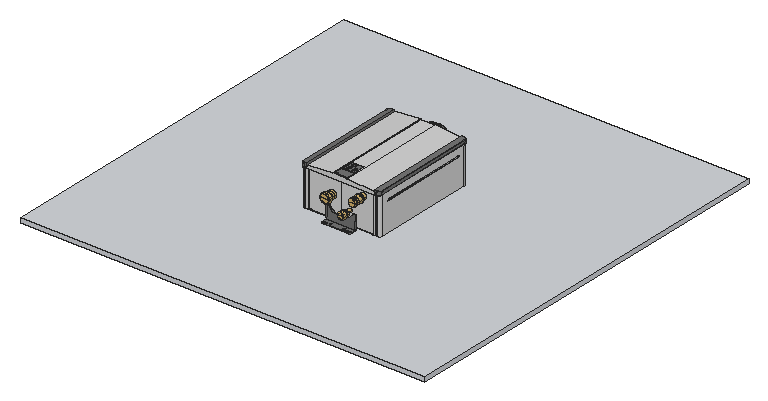
Revit family "Water_Heater-Rinnai-Ultra-Condensing-Tankless-RUC80i", category Mechanical Equipment, host Face, Revit 2012 (continued)
Definition of nested family "Water Heater"
  Automatic sketch dimensions
    plane 27 to curve 137 = 0.06257"
    curve 103 to plane 20 = 0.08334"
    curve 118 to plane 20 = 0.10317"
    plane 15 to curve 101 = 0.14131"
    curve 101 to curve 102 = 0.03504"
    plane 10 to curve 107 = 0.08799"
    plane 10 to curve 100 = 0.14922"
    plane 10 to curve 108 = 0.17772"
    plane 19 to curve 110 = 0.9498"
    curve 106 to curve 109 = 0"
    curve 100 to plane 8 = 0.68345"
    curve 112 to plane 8 = 0.65501"
    curve 112 to curve 109 = 0.08749"
    curve 114 to curve 95 = 0.34525"
    plane 8 to curve 104 = 0.05941"
    plane 8 to curve 101 = 0.05941"
    curve 102 to curve 101 = 0"
    curve 102 to curve 103 = 0.07442"
    curve 77 to plane 5 = 0"
    curve 78 to plane 8 = 0"
    plane 6 to curve 77 = 0"
    plane 8 to curve 67 = 0.22556"
    plane 5 to curve 67 = 0.52045"
    curve 69 to plane 7 = 0.41535"
    curve 67 to curve 69 = 0.48566"
    curve 69 to curve 69 = 0.02285"
    curve 68 to curve 69 = 0"
    curve 68 to curve 69 = 0.05004"
    curve 69 to curve 67 = 0.12848"
    curve 67 to curve 78 = 0.36823"
    curve 69 to curve 70 = 0.83945"
    curve 70 to curve 68 = 0"
    plane 14 to curve 86 = 0.66706"
    curve 86 to curve 83 = 0.06299"
    plane 27 to curve 81 = 0.06257"
    curve 84 to curve 81 = 0.11313"
    plane 14 to curve 82 = 0.01908"
    curve 82 to plane 14 = 0.14711"
    curve 80 to curve 82 = 0"
    curve 149 to plane 7 = 0.19831"
    plane 23 to curve 149 = 0.63676"
    curve 80 to plane 3 "Center (Left/Right)" = 0.01255"
    curve 148 to plane 7 = 0.17145"
    curve 148 to plane 12 = 0.44033"
    plane 27 to curve 87 = 0.15755"
    plane 21 to curve 87 = 0.61592"
    curve 80 to curve 87 = 0"
    plane 27 to curve 88 = 0.06257"
    curve 87 to curve 88 = 0.47629"
    curve 85 to plane 24 = 0.05637"
    plane 11 to curve 85 = 0.86344"
    curve 93 to level = 0.04045"
    curve 85 to curve 93 = 0.06299"
    plane 6 to curve 76 = 1.91844"
    curve 76 to curve 75 = 0"
    curve 79 to level = 0.04045"
    plane 6 to curve 79 = 1.52794"
    curve 79 to curve 74 = 0.3705"
    curve 73 to curve 72 = 0.13838"
    curve 72 to curve 72 = 0.03455"
    curve 75 to curve 72 = 0"
    curve 72 to curve 76 = 0.04004"
    plane 8 to curve 74 = 0.22539"
    plane 6 to curve 74 = 0.52016"
    curve 78 to level = 0.04045"
    curve 86 to level = 0.0398"
    curve 93 to plane 13 = 0.27812"
    curve 91 to curve 83 = 0.17992"
    plane 8 to curve 74 = 0.59333"
    curve 67 to curve 70 = 0.21409"
    curve 68 to curve 70 = 1/16"
    curve 73 to curve 75 = 0.15159"
    curve 75 to curve 76 = 1/16"
    Extrusion 1 sketch curve to plane 5 = 0"
    Extrusion 1 sketch curve to plane 6 = 0"
    plane 5 to Extrusion 1 sketch curve = 0.16126"
    plane 5 to Extrusion 1 sketch curve = 3/4"  (x2)
    Extrusion 1 sketch curve to plane 4 = 0.12422"
    Extrusion 1 sketch curve to Extrusion 1 sketch curve = 0.16126"  (x4)
    Extrusion 1 sketch curve to Extrusion 1 sketch curve = 0.58465"  (x2)
    plane 6 to Extrusion 1 sketch curve = 1.49591"
    Extrusion 1 sketch curve to plane 4 = 29/128"
    plane 6 to Extrusion 1 sketch curve = 0.91126"
    plane 6 to Extrusion 1 sketch curve = 0.16126"
    plane 5 to Extrusion 2 sketch curve = 1.27704"
    Extrusion 2 sketch curve to Extrusion 2 sketch curve = 7/256"  (x2)
    Extrusion 2 sketch curve to plane 3 "Center (Left/Right)" = 0.00497"
    plane 3 "Center (Left/Right)" to Extrusion 2 sketch curve = 0.00974"
    plane 6 to Extrusion 2 sketch curve = 1.30439"
    Sweep 3 sketch curve to plane 6 = 0"
    Sweep 3 sketch curve to plane 5 = 0"
    Sweep 3 sketch curve to plane 4 = 0.12422"
    plane 6 to Sweep 3 sketch curve = 3/4"  (x2)
    Sweep 3 sketch curve to Sweep 3 sketch curve = 0.74591"  (x2)
    plane 5 to Sweep 3 sketch curve = 1.49591"
    plane 5 to Sweep 3 sketch curve = 3/4"
    Sweep 3 sketch curve to profile plane = 0"  (x2)
    Sweep 3 sketch curve to Sweep 3 sketch curve = 0.0315"
    Extrusion 5 sketch curve to plane 4 = 0"
    Extrusion 5 sketch curve to Extrusion 5 sketch curve = 0.59345"
    Extrusion 5 sketch curve to Extrusion 5 sketch curve = 0.61479"
    plane 6 to Extrusion 5 sketch curve = 0.66792"
    Extrusion 6 sketch curve to plane 5 = 0.02756"
    plane 5 to Extrusion 6 sketch curve = 0.72244"  (x2)
    Extrusion 6 sketch curve to plane 4 = 1/128"  (x2)
    Extrusion 6 sketch curve to Extrusion 6 sketch curve = 0.435"
    plane 6 to Extrusion 6 sketch curve = 1.15744"
    plane 6 to Extrusion 6 sketch curve = 0.72244"  (x2)
    Extrusion 6 sketch curve to plane 6 = 0.02756"
    Extrusion 7 sketch curve to plane 5 = 0"
    plane 16 to Extrusion 7 sketch curve = 0.72706"
    plane 5 to Extrusion 8 sketch curve = 1.27704"
    Extrusion 8 sketch curve to Extrusion 8 sketch curve = 7/256"  (x2)
    Extrusion 8 sketch curve to plane 3 "Center (Left/Right)" = 0.00497"
    plane 3 "Center (Left/Right)" to Extrusion 8 sketch curve = 0.00974"
    plane 6 to Extrusion 8 sketch curve = 1.30439"
    plane 7 to Extrusion 9 sketch curve = 0.05435"
    Extrusion 9 sketch curve to plane 23 = 0.11207"
    plane 7 to Extrusion 9 sketch curve = 0.00161"  (x2)
    plane 23 to Extrusion 9 sketch curve = 0.08478"
    Extrusion 9 sketch curve to plane 7 = 0.15611"  (x2)
    Extrusion 9 sketch curve to Extrusion 9 sketch curve = 0.27318"
    Extrusion 9 sketch curve to Extrusion 9 sketch curve = 0.15748"  (x2)
    Extrusion 9 sketch curve to plane 12 = 0.43849"
    Extrusion 9 sketch curve to plane 21 = 0.06324"
    plane 21 to Extrusion 9 sketch curve = 0.13361"  (x2)
    Extrusion 9 sketch curve to plane 7 = 0.33935"
    Extrusion 9 sketch curve to Extrusion 9 sketch curve = 0.0422"
    plane 5 to Extrusion 10 sketch curve = 0.16126"
    Extrusion 10 sketch curve to Extrusion 10 sketch curve = 3/4"  (x2)
    Extrusion 10 sketch curve to Extrusion 10 sketch curve = 0.58465"
    plane 6 to Extrusion 10 sketch curve = 0.91126"  (x2)
    Extrusion 10 sketch curve to plane 4 = 29/128"
    plane 6 to Extrusion 10 sketch curve = 0.16126"
    plane 19 to Revolve 11 sketch curve = 0.25066"  (x2)
    Revolve 11 sketch curve to Revolve 11 sketch curve = 0.19632"
    Revolve 11 sketch curve to Revolve 11 sketch curve = 1.16267"
    Revolve 11 sketch curve to Revolve 11 sketch curve = 0.13556"
    plane 19 to Revolve 11 sketch curve = 0.03937"
    Revolve 11 sketch curve to plane 16 = 5.03831"
    Revolve 11 sketch curve to Revolve 11 sketch curve = 0.19606"
    plane 19 to Revolve 12 sketch curve = 0.25066"  (x2)
    Revolve 12 sketch curve to Revolve 12 sketch curve = 0.19632"
    Revolve 12 sketch curve to Revolve 12 sketch curve = 1.16267"
    Revolve 12 sketch curve to Revolve 12 sketch curve = 0.13556"
    plane 19 to Revolve 12 sketch curve = 0.03937"
    Revolve 12 sketch curve to plane 16 = 5.03831"
    Revolve 12 sketch curve to Revolve 12 sketch curve = 0.19606"
    Sweep 14 sketch curve to plane 3 "Center (Left/Right)" = 1/64"
    Sweep 14 sketch curve to plane 22 = 0.9765"
    Sweep 14 sketch curve to Sweep 14 sketch curve = 0"  (x4)
    Sweep 14 sketch curve to profile plane = 0"  (x2)
    profile plane to Sweep 14 sketch curve = 1.21666"
    profile plane to Sweep 14 sketch curve = 1.21033"
    Sweep 14 sketch curve to Sweep 14 sketch curve = 0.0386"
    Sweep 14 sketch curve to profile plane = 0.1979"
    Sweep 14 sketch curve to Sweep 14 sketch curve = 0.05055"
    Sweep 14 sketch curve to Sweep 14 sketch curve = 0.24211"
    Sweep 14 sketch curve to profile plane = 0.11491"
    Sweep 14 sketch curve to Sweep 14 sketch curve = 0.01705"
    Sweep 14 sketch curve to Sweep 14 sketch curve = 0.00185"
    Sweep 14 sketch curve to profile plane = 0.13491"
    Sweep 14 sketch curve to Sweep 14 sketch curve = 0.01471"
    Sweep 14 sketch curve to Sweep 14 sketch curve = 0.01869"
    Sweep 14 sketch curve to Sweep 14 sketch curve = 0.03188"
    Sweep 14 sketch curve to Sweep 14 sketch curve = 0.00379"
    Sweep 14 sketch curve to Sweep 14 sketch curve = 0.01985"
    Sweep 14 sketch curve to Sweep 14 sketch curve = 0.02907"
    Sweep 14 sketch curve to Sweep 14 sketch curve = 0.02"
    Sweep 14 sketch curve to Sweep 14 sketch curve = 0.11289"
    Sweep 14 sketch curve to Sweep 14 sketch curve = 0.02082"
    Sweep 14 sketch curve to Sweep 14 sketch curve = 0.0196"
    Sweep 14 sketch curve to Sweep 14 sketch curve = 0.17385"
    Sweep 14 sketch curve to Sweep 14 sketch curve = 0.03347"
    Sweep 14 sketch curve to Sweep 14 sketch curve = 0.16817"
    Sweep 14 sketch curve to profile plane = 0.03937"
    Sweep 14 sketch curve to Sweep 14 sketch curve = 0.03937"
    Sweep 14 sketch curve to Sweep 14 sketch curve = 0.07401"
    Sweep 14 sketch curve to Sweep 14 sketch curve = 0.19685"
    Sweep 14 sketch curve to Sweep 14 sketch curve = 0.0842"
    Sweep 14 sketch curve to Sweep 14 sketch curve = 0.00051"
    Sweep 14 sketch curve to Sweep 14 sketch curve = 0.02307"
    Sweep 14 sketch curve to Sweep 14 sketch curve = 0.14317"
    Sweep 14 sketch curve to Sweep 14 sketch curve = 1.09677"
    Sweep 14 sketch curve to Sweep 14 sketch curve = 0.08034"
    Sweep 14 sketch curve to Sweep 14 sketch curve = 0.12287"
    Sweep 14 sketch curve to Sweep 14 sketch curve = 0.03219"
    Extrusion 15 sketch curve to plane 3 "Center (Left/Right)" = 1/64"
    plane 19 to Extrusion 15 sketch curve = 1.02793"
    Revolve 16 sketch curve to plane 14 = 0.12393"
    Revolve 16 sketch curve to Revolve 16 sketch curve = 0.03504"
    plane 23 to Revolve 16 sketch curve = 0.13583"
    Revolve 16 sketch curve to Revolve 16 sketch curve = 0.1564"
    Revolve 16 sketch curve to plane 3 "Center (Left/Right)" = 0.00981"
    Revolve 16 sketch curve to plane 16 = 1.00882"
    Revolve 16 sketch curve to plane 16 = 0.68789"
    Revolve 16 sketch curve to Revolve 16 sketch curve = 0.037"
    Revolve 16 sketch curve to Revolve 16 sketch curve = 0.07874"
    plane 16 to Revolve 16 sketch curve = 0.72706"  (x2)
    plane 5 to Revolve 17 sketch curve = 1.26381"
    Revolve 17 sketch curve to Revolve 17 sketch curve = 0.08779"
    Revolve 17 sketch curve to Revolve 17 sketch curve = 1.97914"
    Revolve 17 sketch curve to Revolve 17 sketch curve = 0"  (x3)
    plane 4 to Revolve 17 sketch curve = 0.16817"
    Revolve 17 sketch curve to Revolve 17 sketch curve = 0.98144"
    Revolve 17 sketch curve to Revolve 17 sketch curve = 0.07874"
    plane 22 to Extrusion 18 sketch curve = 0.06809"
    plane 5 to Extrusion 18 sketch curve = 0.96853"
    Extrusion 18 sketch curve to plane 8 = 0.34525"
    Extrusion 18 sketch curve to Extrusion 18 sketch curve = 1 1/4"
    Extrusion 18 sketch curve to plane 10 = 0.28029"
    plane 14 to Extrusion 18 sketch curve = 1.91706"  (x2)
    Extrusion 18 sketch curve to plane 19 = 0.0894"
    plane 14 to Extrusion 19 sketch curve = 0.07257"
    plane 8 to Extrusion 19 sketch curve = 0.24136"
    plane 23 to Extrusion 19 sketch curve = 0.91142"  (x2)
    Extrusion 19 sketch curve to plane 20 = 0.10317"
    Extrusion 19 sketch curve to plane 12 = 0.02294"  (x2)
    Extrusion 19 sketch curve to plane 19 = 0.17601"
    plane 14 to Extrusion 20 sketch curve = 0.60587"
    Extrusion 20 sketch curve to Extrusion 20 sketch curve = 0.21663"
    Extrusion 20 sketch curve to Extrusion 20 sketch curve = 0.08337"
    Extrusion 20 sketch curve to Extrusion 20 sketch curve = 0.11714"  (x2)
    Extrusion 20 sketch curve to plane 14 = 0.10821"
    Extrusion 20 sketch curve to plane 23 = 0.24361"
    plane 23 to Extrusion 20 sketch curve = 0.53101"
    Extrusion 20 sketch curve to plane 12 = 0.3808"
    plane 21 to Extrusion 20 sketch curve = 0.23419"
    Extrusion 20 sketch curve to Extrusion 20 sketch curve = 0.41418"
    Extrusion 20 sketch curve to Extrusion 20 sketch curve = 0.26687"
    Extrusion 20 sketch curve to Extrusion 20 sketch curve = 0.02665"
    plane 11 to Extrusion 20 sketch curve = 0.8645"
    Extrusion 20 sketch curve to Extrusion 20 sketch curve = 0.06998"  (x2)
    Extrusion 20 sketch curve to Extrusion 20 sketch curve = 0.07943"  (x2)
    Extrusion 20 sketch curve to Extrusion 20 sketch curve = 0.07035"
    Extrusion 20 sketch curve to Extrusion 20 sketch curve = 0.10791"  (x2)
    Extrusion 21 sketch curve to plane 28 = 0"
    plane 29 to Extrusion 21 sketch curve = 0"
    plane 28 to Extrusion 21 sketch curve = 0.11313"
    plane 14 to Extrusion 21 sketch curve = 0.01908"
    Extrusion 21 sketch curve to plane 14 = 0.14711"
    Extrusion 21 sketch curve to Extrusion 21 sketch curve = 0"  (x2)
    Extrusion 21 sketch curve to plane 3 "Center (Left/Right)" = 0.01255"
    plane 27 to Extrusion 21 sketch curve = 0.15755"
    plane 21 to Extrusion 21 sketch curve = 0.61592"
    plane 27 to Extrusion 21 sketch curve = 0.06257"
    Extrusion 21 sketch curve to Extrusion 21 sketch curve = 0.16453"
    plane 29 to Extrusion 21 sketch curve = 0.10742"
    Extrusion 21 sketch curve to plane 24 = 0.05637"
    Extrusion 22 sketch curve to Extrusion 22 sketch curve = 0.11952"
    Extrusion 22 sketch curve to plane 25 = 0.01157"
    Extrusion 22 sketch curve to Extrusion 22 sketch curve = 0.12047"
    Extrusion 22 sketch curve to plane 13 = 0.39764"
    Extrusion 23 sketch curve to level = 0.02001"
    Extrusion 23 sketch curve to Extrusion 23 sketch curve = 0.12"
    Extrusion 23 sketch curve to Extrusion 23 sketch curve = 0.12047"
    plane 27 to Extrusion 23 sketch curve = 0.47562"
    Extrusion 24 sketch curve to plane 14 = 0.60587"
    Extrusion 24 sketch curve to Extrusion 24 sketch curve = 0.21663"
    Extrusion 24 sketch curve to Extrusion 24 sketch curve = 0.08337"
    Extrusion 24 sketch curve to Extrusion 24 sketch curve = 0.11714"  (x2)
    plane 14 to Extrusion 24 sketch curve = 0.10821"
    plane 23 to Extrusion 24 sketch curve = 0.24361"
    Extrusion 24 sketch curve to plane 23 = 0.53101"
    plane 12 to Extrusion 24 sketch curve = 0.3808"
    Extrusion 24 sketch curve to plane 21 = 0.23419"
    Extrusion 24 sketch curve to Extrusion 24 sketch curve = 0.41418"
    Extrusion 24 sketch curve to Extrusion 24 sketch curve = 0.26687"
    Extrusion 24 sketch curve to Extrusion 24 sketch curve = 0.02665"
    plane 4 to Extrusion 24 sketch curve = 0.12422"
    Extrusion 24 sketch curve to plane 11 = 0.8645"
    Extrusion 24 sketch curve to plane 4 = 0.76189"  (x2)
    Extrusion 24 sketch curve to plane 4 = 0.89402"  (x2)
    Extrusion 24 sketch curve to Extrusion 24 sketch curve = 0.06998"  (x2)
    Extrusion 24 sketch curve to Extrusion 24 sketch curve = 0.07943"  (x2)
    Extrusion 24 sketch curve to Extrusion 24 sketch curve = 0.07035"
    Extrusion 24 sketch curve to Extrusion 24 sketch curve = 0.10791"  (x2)
    Extrusion 25 sketch curve to plane 30 = 0"
    plane 31 to Extrusion 25 sketch curve = 0"
    plane 30 to Extrusion 25 sketch curve = 0.11313"
    plane 14 to Extrusion 25 sketch curve = 0.01908"
    Extrusion 25 sketch curve to plane 14 = 0.14711"
    Extrusion 25 sketch curve to Extrusion 25 sketch curve = 0"  (x2)
    Extrusion 25 sketch curve to plane 3 "Center (Left/Right)" = 0.01255"
    plane 27 to Extrusion 25 sketch curve = 0.15755"
    plane 21 to Extrusion 25 sketch curve = 0.61592"
    plane 27 to Extrusion 25 sketch curve = 0.06257"
    Extrusion 25 sketch curve to Extrusion 25 sketch curve = 0.16453"
    plane 31 to Extrusion 25 sketch curve = 0.10742"
    Extrusion 25 sketch curve to plane 24 = 0.05637"
    plane 13 to Extrusion 26 sketch curve = 0.39764"
    Extrusion 26 sketch curve to plane 4 = 0.2455"
    Extrusion 26 sketch curve to Extrusion 26 sketch curve = 0.11952"
    plane 25 to Extrusion 26 sketch curve = 0.01157"
    Extrusion 26 sketch curve to Extrusion 26 sketch curve = 0.12047"
    Extrusion 26 sketch curve to Extrusion 26 sketch curve = 0.15607"
    level to Extrusion 27 sketch curve = 0.02001"
    Extrusion 27 sketch curve to plane 4 = 0.2455"
    Extrusion 27 sketch curve to Extrusion 27 sketch curve = 0.12"
    Extrusion 27 sketch curve to Extrusion 27 sketch curve = 0.12047"
    plane 4 to Extrusion 27 sketch curve = 0.03009"
    Extrusion 27 sketch curve to plane 27 = 0.47562"
    Masking region 1 sketch curve to plane 4 = 0"  (x2)
    Masking region 1 sketch curve to plane 5 = 0.01381"
    plane 5 to Masking region 1 sketch curve = 0.72244"  (x2)
    Masking region 1 sketch curve to plane 4 = 1/128"
    Masking region 1 sketch curve to Masking region 1 sketch curve = 0.24092"
    Masking region 1 sketch curve to Masking region 1 sketch curve = 0.30044"
    plane 4 to Masking region 1 sketch curve = 0.16817"
    Masking region 1 sketch curve to Masking region 1 sketch curve = 0.38823"
    plane 14 to Masking region 1 sketch curve = 1.05024"
    Masking region 1 sketch curve to Masking region 1 sketch curve = 0.0879"
    Masking region 1 sketch curve to Masking region 1 sketch curve = 0.38318"
    plane 14 to Masking region 1 sketch curve = 0.07257"
    plane 14 to Masking region 1 sketch curve = 0.03453"
    Masking region 1 sketch curve to plane 14 = 0.00484"
    Masking region 1 sketch curve to plane 14 = 0.06748"
    Masking region 1 sketch curve to Masking region 1 sketch curve = 0.04668"  (x2)
    Masking region 1 sketch curve to plane 14 = 0.12393"
    Masking region 1 sketch curve to Masking region 1 sketch curve = 0.03504"  (x2)
    plane 23 to Masking region 1 sketch curve = 0.13583"
    Masking region 1 sketch curve to plane 21 = 0.13376"
    plane 21 to Masking region 1 sketch curve = 0.60911"
    plane 4 to Masking region 1 sketch curve = 0.25285"
    plane 21 to Masking region 1 sketch curve = 0.6422"
    Masking region 1 sketch curve to Masking region 1 sketch curve = 0.10737"
    Masking region 1 sketch curve to Masking region 1 sketch curve = 0.03937"  (x3)
    Masking region 1 sketch curve to Masking region 1 sketch curve = 0.15177"
    plane 6 to Masking region 1 sketch curve = 0.72244"
    plane 6 to Masking region 1 sketch curve = 0.67054"
    Masking region 1 sketch curve to plane 6 = 0.01381"
    Masking region 1 sketch curve to Masking region 1 sketch curve = 3/4"
    plane 4 to Masking region 1 sketch curve = 0.16929"
    plane 4 to Masking region 1 sketch curve = 0.22589"
    Masking region 1 sketch curve to Masking region 1 sketch curve = 0.02695"  (x2)
    Masking region 1 sketch curve to Masking region 1 sketch curve = 0.98144"
    Masking region 1 sketch curve to Masking region 1 sketch curve = 0.98031"
    Masking region 1 sketch curve to Masking region 1 sketch curve = 0.07874"  (x2)
    Masking region 1 sketch curve to plane 16 = 0.92411"  (x2)
    Masking region 1 sketch curve to Masking region 1 sketch curve = 0.19685"  (x2)
    Masking region 1 sketch curve to Masking region 1 sketch curve = 0.037"  (x2)
    Masking region 1 sketch curve to plane 16 = 0.57215"
    plane 16 to Masking region 1 sketch curve = 0.72706"
    Masking region 2 sketch curve to plane 5 = 0"
    plane 6 to Masking region 2 sketch curve = 0"
    Masking region 2 sketch curve to plane 24 = 0"
    plane 24 to Masking region 4 sketch curve = 0"
    plane 16 to Masking region 4 sketch curve = 0.72706"
    Masking region 5 sketch curve to plane 8 = 0"
    Masking region 5 sketch curve to level = 0.04124"
    Masking region 5 sketch curve to plane 4 = 0.12288"
    Masking region 5 sketch curve to plane 16 = 2.67"
    Masking region 5 sketch curve to plane 15 = 0.02389"
    Masking region 5 sketch curve to Masking region 5 sketch curve = 0.34877"
    Masking region 5 sketch curve to Masking region 5 sketch curve = 0.22589"
    Masking region 5 sketch curve to Masking region 5 sketch curve = 0.06793"
    plane 15 to Masking region 5 sketch curve = 0.08481"
    Masking region 5 sketch curve to plane 16 = 1.04598"
    Masking region 5 sketch curve to Masking region 5 sketch curve = 0.03716"
    plane 8 to Masking region 5 sketch curve = 0.04817"
    Masking region 5 sketch curve to plane 16 = 0.92411"
    Masking region 5 sketch curve to Masking region 5 sketch curve = 0.08471"
    Masking region 5 sketch curve to Masking region 5 sketch curve = 0.19685"  (x2)
    Masking region 5 sketch curve to plane 20 = 0.08334"
    Masking region 5 sketch curve to Masking region 5 sketch curve = 0.03937"  (x3)
    Masking region 5 sketch curve to Masking region 5 sketch curve = 0.037"  (x2)
    Masking region 5 sketch curve to Masking region 5 sketch curve = 0.07874"  (x2)
    plane 10 to Masking region 5 sketch curve = 0.14922"
    plane 16 to Masking region 5 sketch curve = 0.72706"
    Masking region 5 sketch curve to Masking region 5 sketch curve = 0.08089"
    plane 15 to Masking region 5 sketch curve = 0.0686"
    plane 15 to Masking region 5 sketch curve = 0.14131"
    Masking region 5 sketch curve to Masking region 5 sketch curve = 0.03504"  (x2)
    Masking region 5 sketch curve to plane 8 = 0.68345"
    plane 8 to Masking region 5 sketch curve = 0.05941"
    Masking region 5 sketch curve to Masking region 5 sketch curve = 0.03505"
    Masking region 5 sketch curve to Masking region 5 sketch curve = 0.08566"
    plane 8 to Masking region 5 sketch curve = 0.24136"
    Masking region 6 sketch curve to plane 5 = 0"
    Masking region 6 sketch curve to plane 6 = 0"
    plane 16 to Masking region 6 sketch curve = 0.72706"
    plane 23 to Extrusion 28 sketch curve = 0.63676"
    Extrusion 28 sketch curve to Extrusion 28 sketch curve = 0.06"  (x3)
    Extrusion 28 sketch curve to plane 12 = 0.38033"  (x2)
    Extrusion 28 sketch curve to Extrusion 28 sketch curve = 1.755"
    curve 67 to curve 69 = 0.33187"
    curve 73 to curve 75 = 0.07509"
    Extrusion 13 sketch curve to plane 5 = 0.23785"
    Extrusion 13 sketch curve to plane 5 = 0.03521"
    plane 5 to Extrusion 13 sketch curve = 0.03289"
    Extrusion 13 sketch curve to Extrusion 13 sketch curve = 0"  (x2)
    plane 5 to Extrusion 13 sketch curve = 0.04544"
    plane 8 to Extrusion 13 sketch curve = 0.19414"  (x2)
    plane 5 to Extrusion 13 sketch curve = 1.15744"
    plane 8 to Extrusion 13 sketch curve = 0.02539"  (x2)
    Extrusion 13 sketch curve to Extrusion 13 sketch curve = 0.17596"
    Extrusion 13 sketch curve to plane 3 "Center (Left/Right)" = 0.02677"
    plane 3 "Center (Left/Right)" to Extrusion 13 sketch curve = 0.01184"
    plane 6 to Extrusion 13 sketch curve = 1.35744"
    Extrusion 13 sketch curve to Extrusion 13 sketch curve = 0.2"
    plane 6 to Extrusion 13 sketch curve = 0.06604"
    plane 6 to Extrusion 13 sketch curve = 0.05362"
    Extrusion 13 sketch curve to plane 6 = 0.01381"
    Extrusion 13 sketch curve to plane 6 = 0.21381"
    plane 24 to Extrusion 13 sketch curve = 48.09837"
    Extrusion 13 sketch curve to Extrusion 13 sketch curve = 0.0012"
    Extrusion 1 sketch curve to Extrusion 1 sketch curve = 0.06299"  (x2)
    Extrusion 2 sketch curve to Extrusion 2 sketch curve = 0.01019"
    Extrusion 8 sketch curve to Extrusion 8 sketch curve = 0.01019"
    plane 1 "Center (Front/Back)" to curve 99 = 10.76797"
    curve 137 to curve 96 = 2.02615"
    curve 141 to curve 137 = 0.00051"
    curve 135 to curve 137 = 0.07826"
    plane 1 "Center (Front/Back)" to Extrusion 1 sketch curve = 12.00728"  (x2)
    plane 1 "Center (Front/Back)" to Extrusion 2 sketch curve = 12.75728"
    plane 1 "Center (Front/Back)" to Sweep 3 sketch curve = 12.07027"  (x2)
    Extrusion 5 sketch curve to Extrusion 5 sketch curve = 0.68312"
    plane 1 "Center (Front/Back)" to Extrusion 5 sketch curve = 12.46688"
    plane 1 "Center (Front/Back)" to Extrusion 6 sketch curve = 12.4"  (x2)
    plane 1 "Center (Front/Back)" to Extrusion 7 sketch curve = 14.56214"
    plane 1 "Center (Front/Back)" to Extrusion 8 sketch curve = 12.75728"
    plane 1 "Center (Front/Back)" to Extrusion 10 sketch curve = 12.00728"
    plane 1 "Center (Front/Back)" to Revolve 11 sketch curve = 9.47992"
    plane 1 "Center (Front/Back)" to Revolve 12 sketch curve = 9.47992"
    plane 1 "Center (Front/Back)" to Extrusion 20 sketch curve = 14.56214"
    Extrusion 20 sketch curve to Extrusion 20 sketch curve = 0.13195"
    Extrusion 20 sketch curve to Extrusion 20 sketch curve = 0.20211"  (x2)
    Extrusion 20 sketch curve to Extrusion 20 sketch curve = 1.14728"
    plane 1 "Center (Front/Back)" to Extrusion 22 sketch curve = 13.17362"
    Extrusion 22 sketch curve to Extrusion 22 sketch curve = 0.15607"
    plane 1 "Center (Front/Back)" to Extrusion 23 sketch curve = 13.17362"
    Extrusion 23 sketch curve to Extrusion 23 sketch curve = 0.15512"
    plane 1 "Center (Front/Back)" to Masking region 1 sketch curve = 12.4"  (x2)
    Masking region 1 sketch curve to Masking region 1 sketch curve = 0.14296"
    plane 1 "Center (Front/Back)" to Masking region 4 sketch curve = 14.56214"
    plane 1 "Center (Front/Back)" to Masking region 5 sketch curve = 12.81978"
    Masking region 5 sketch curve to Masking region 5 sketch curve = 0.73137"
    plane 1 "Center (Front/Back)" to Masking region 6 sketch curve = 14.56214"
    plane 1 "Center (Front/Back)" to Extrusion 28 sketch curve = 12.6188"
    Extrusion 9 sketch curve to Extrusion 9 sketch curve = 0.43951"
    plane 7 to Extrusion 13 sketch curve = 0.18429"  (x2)
    Masking region 2 sketch curve to plane 7 = 0.14124"
    Masking region 4 sketch curve to plane 7 = 0.14124"
    Masking region 5 sketch curve to plane 7 = 0.14124"
    curve 94 to curve 94 = 0.08577"
    Extrusion 4 sketch curve to plane 3 "Center (Left/Right)" = 0"
    Extrusion 4 sketch curve to plane 33 = 0"
    plane 23 to Extrusion 4 sketch curve = 0.65785"
    Extrusion 4 sketch curve to plane 33 = 0.56589"  (x2)
    Extrusion 4 sketch curve to plane 3 "Center (Left/Right)" = 8.09256"
    Extrusion 4 sketch curve to plane 5 = 9/32"
    Extrusion 4 sketch curve to plane 12 = 0.29613"
    plane 3 "Center (Left/Right)" to Extrusion 4 sketch curve = 8.09256"
    Extrusion 4 sketch curve to plane 6 = 9/32"
    plane 8 to Extrusion 4 sketch curve = 0.19414"  (x2)
    Masking region 3 sketch curve to plane 5 = 0"
    Masking region 3 sketch curve to plane 5 = 0.01381"
    plane 5 to Masking region 3 sketch curve = 0.05362"
    Masking region 3 sketch curve to Masking region 3 sketch curve = 0"  (x4)
    plane 5 to Masking region 3 sketch curve = 0.06604"
    plane 8 to Masking region 3 sketch curve = 0.19414"
    Masking region 3 sketch curve to Masking region 3 sketch curve = 0.46603"
    plane 8 to Masking region 3 sketch curve = 0.22539"  (x2)
    Masking region 3 sketch curve to Masking region 3 sketch curve = 0.05413"  (x2)
    Masking region 3 sketch curve to Masking region 3 sketch curve = 0.63728"
    Masking region 3 sketch curve to plane 25 = 0.01157"
    plane 14 to Masking region 3 sketch curve = 0.66706"
    Masking region 3 sketch curve to Masking region 3 sketch curve = 0.06299"
    plane 33 to Masking region 3 sketch curve = 0.02703"  (x2)
    plane 23 to Masking region 3 sketch curve = 0.28544"
    Masking region 3 sketch curve to plane 33 = 0.01487"  (x2)
    Masking region 3 sketch curve to Masking region 3 sketch curve = 0.07258"  (x2)
    plane 7 to Masking region 3 sketch curve = 0.11665"  (x2)
    Masking region 3 sketch curve to Masking region 3 sketch curve = 0.15748"
    plane 23 to Masking region 3 sketch curve = 0.65785"
    Masking region 3 sketch curve to plane 3 "Center (Left/Right)" = 0.01184"
    plane 3 "Center (Left/Right)" to Masking region 3 sketch curve = 0.01184"
    Masking region 3 sketch curve to plane 12 = 0.29613"
    Masking region 3 sketch curve to plane 12 = 0.43849"
    Masking region 3 sketch curve to plane 24 = 0.00215"
    plane 11 to Masking region 3 sketch curve = 0.86256"
    Masking region 3 sketch curve to plane 25 = 0.01186"
    Masking region 3 sketch curve to Masking region 3 sketch curve = 0.06133"
    Masking region 3 sketch curve to plane 33 = 0.14924"
    plane 6 to Masking region 3 sketch curve = 1.15744"
    plane 6 to Masking region 3 sketch curve = 0.52016"
    plane 6 to Masking region 3 sketch curve = 0.06604"
    plane 6 to Masking region 3 sketch curve = 0.05362"
    Masking region 3 sketch curve to plane 6 = 0.00046"
    Masking region 3 sketch curve to Masking region 3 sketch curve = 0.07985"
    Masking region 3 sketch curve to Masking region 3 sketch curve = 21.46811"
    Masking region 3 sketch curve to level = 0.04046"
    Masking region 3 sketch curve to level = 0.04045"
    Masking region 3 sketch curve to Masking region 3 sketch curve = 1/32"
    curve 1 to plane 32 = 0"
    curve 13 to plane 4 = 0"
    curve 3 to plane 32 = 0"
    curve 4 to plane 32 = 0"
    curve 57 to plane 4 = 0"
    curve 58 to plane 4 = 0"
    curve 2 to plane 32 = 0"
    curve 1 to plane 4 = 1/128"
    plane 5 to curve 1 = 0.91417"
    plane 4 to curve 6 = 0.16817"
    curve 1 to curve 6 = 0.43742"
    curve 5 to curve 6 = 0"  (x2)
    plane 14 to curve 6 = 1.05012"
    curve 6 to curve 47 = 0.38306"
    curve 13 to curve 48 = 0"
    curve 13 to curve 46 = 0.06119"
    plane 32 to curve 24 = 0.01515"
    plane 14 to curve 24 = 0.60587"
    curve 46 to curve 51 = 0.21663"
    curve 24 to curve 27 = 0.21663"
    plane 14 to curve 45 = 0.30587"
    plane 14 to curve 22 = 0.30587"
    curve 26 to curve 26 = 0.11714"
    curve 52 to curve 51 = 0.11714"
    plane 4 to curve 49 = 0.0329"
    plane 14 to curve 49 = 0.07052"
    plane 14 to curve 10 = 0.03453"
    curve 12 to plane 14 = 0.07083"
    curve 31 to plane 14 = 0.10821"
    curve 54 to plane 14 = 0.10821"
    curve 11 to plane 14 = 0.11"
    curve 44 to plane 14 = 0.1136"
    curve 9 to plane 14 = 0.15897"
    curve 8 to curve 9 = 0"
    curve 33 to plane 23 = 0.24361"
    curve 3 to plane 23 = 0.11207"
    plane 23 to curve 7 = 0.13583"
    plane 23 to curve 34 = 0.53101"
    plane 23 to curve 17 = 0.63676"
    curve 17 to curve 18 = 0.06"
    curve 15 to curve 15 = 0.06"
    curve 21 to plane 12 = 0.38033"
    curve 19 to plane 12 = 0.38033"
    curve 35 to plane 12 = 0.3808"
    curve 21 to curve 20 = 0.06"
    curve 7 to plane 21 = 0.13386"
    plane 21 to curve 4 = 0.13361"
    plane 21 to curve 36 = 0.23419"
    plane 21 to curve 8 = 0.60901"
    curve 9 to curve 8 = 0"
    curve 9 to curve 11 = 0.03166"
    curve 55 to curve 11 = 0"
    curve 36 to curve 39 = 0.41418"
    curve 55 to curve 65 = 0.00771"
    plane 4 to curve 12 = 0.22589"
    curve 4 to curve 12 = 0.55216"
    curve 9 to curve 10 = 0.18188"
    curve 12 to curve 13 = 0.15478"
    curve 59 to curve 13 = 0"
    curve 65 to curve 62 = 0.26687"
    curve 36 to curve 40 = 0.26687"
    curve 61 to curve 61 = 0.11714"
    curve 41 to curve 41 = 0.11714"
    curve 61 to curve 55 = 0.02665"
    curve 40 to curve 22 = 0.02665"
    plane 4 to curve 60 = 0.2455"
    curve 59 to curve 60 = 0.52256"
    plane 32 to curve 25 = 0.00202"
    plane 11 to curve 25 = 0.8645"
    curve 60 to curve 58 = 0.06406"
    plane 6 to curve 2 = 0.91417"
    curve 34 to plane 32 = 0.82618"
    curve 35 to plane 32 = 0.82618"
    curve 29 to plane 32 = 0.9583"
    curve 42 to plane 32 = 0.9583"
    curve 33 to curve 26 = 0.06998"
    curve 39 to curve 41 = 0.06998"
    curve 40 to curve 41 = 0.07943"
    curve 28 to curve 26 = 0.07943"
    curve 66 to curve 40 = 0.07035"
    curve 31 to curve 31 = 0.10791"
    curve 39 to curve 39 = 0.10791"
    plane 32 to curve 18 = 0.5312"
    curve 16 to curve 16 = 1.755"
    curve 2 to plane 4 = 1/128"
    curve 13 to curve 59 = 0.0329"
    curve 49 to curve 48 = 0.13639"
    curve 48 to curve 48 = 0.07621"
    curve 47 to curve 52 = 0.64852"
    curve 12 to curve 62 = 0.66812"
    curve 62 to curve 65 = 0.06998"
    curve 51 to curve 54 = 0.06998"
    curve 63 to curve 64 = 0.07943"
    curve 51 to curve 50 = 0.07943"
    curve 61 to curve 57 = 0.07035"
    curve 50 to curve 45 = 0.07441"
    curve 65 to curve 65 = 0.10791"
    curve 54 to curve 54 = 0.10791"
    curve 6 to curve 5 = 0.98144"
    curve 55 to curve 11 = 0.39803"
    curve 11 to curve 10 = 0.19685"
    curve 10 to curve 9 = 0.03937"
    curve 9 to curve 8 = 0.037"
    curve 7 to plane 16 = 0.57215"
    curve 147 to curve 99 = 2.75755"
    curve 15 to curve 154 = 0.07121"
    curve 154 to curve 155 = 0.06"
    curve 153 to curve 153 = 0.06151"
    curve 153 to curve 162 = 0.33943"
    curve 161 to curve 160 = 0.03527"
    curve 162 to curve 166 = 0.04"
    curve 165 to curve 169 = 0.03926"
    curve 155 to curve 170 = 0.4202"
    curve 168 to curve 168 = 1/4"
    curve 170 to curve 171 = 1/4"
    curve 163 to plane 3 "Center (Left/Right)" = 0.08965"
    curve 163 to curve 163 = 0.04"
    curve 167 to curve 167 = 0.04"
    plane 3 "Center (Left/Right)" to curve 173 = 0.43832"
    plane 3 "Center (Left/Right)" to curve 174 = 0.43832"
    curve 172 to curve 172 = 1/4"
    curve 174 to curve 175 = 1/4"
    curve 159 to plane 12 = 0.15896"
    curve 157 to plane 12 = 0.15896"
    curve 157 to curve 158 = 0.06"
    curve 15 to curve 155 = 0.0617"
    curve 155 to curve 170 = 0.46178"
    curve 170 to curve 173 = 0"
    curve 172 to curve 174 = 0.70658"
    curve 170 to curve 168 = 0.70871"
    curve 168 to curve 166 = 0.8554"
    curve 167 to curve 163 = 0.45418"
    curve 162 to curve 153 = 0.271"
    plane 23 to Extrusion 29 sketch curve = 0.76797"
    Extrusion 29 sketch curve to Extrusion 29 sketch curve = 0.06"  (x2)
    Extrusion 29 sketch curve to Extrusion 29 sketch curve = 0.06151"
    Extrusion 29 sketch curve to plane 12 = 0.15896"  (x2)
    plane 32 to Extrusion 29 sketch curve = 2.4679"
    Extrusion 29 sketch curve to Extrusion 29 sketch curve = 2.79581"
    Extrusion 30 sketch curve to plane 3 "Center (Left/Right)" = 0.95508"
    Extrusion 30 sketch curve to Extrusion 30 sketch curve = 0.03527"
    Extrusion 30 sketch curve to Extrusion 30 sketch curve = 0.04"  (x2)
    Extrusion 30 sketch curve to plane 3 "Center (Left/Right)" = 0.62582"  (x2)
    Extrusion 30 sketch curve to plane 3 "Center (Left/Right)" = 0.08965"  (x2)
    plane 12 to Extrusion 30 sketch curve = 0.48168"  (x2)
    plane 32 to Extrusion 30 sketch curve = 2.98968"
    Extrusion 30 sketch curve to Extrusion 30 sketch curve = 0"
    Extrusion 30 sketch curve to Extrusion 30 sketch curve = 0.70658"
    Extrusion 30 sketch curve to Extrusion 30 sketch curve = 0.70871"
    Extrusion 30 sketch curve to Extrusion 30 sketch curve = 0.8554"
    Extrusion 30 sketch curve to Extrusion 30 sketch curve = 0.45418"
    radius of Sweep 14 sketch curve = 2.53"
    radius of Extrusion 15 sketch curve = 2.76047"
    radius of Extrusion 20 sketch curve = 1/4"  (x2)
    radius of Extrusion 24 sketch curve = 1/4"  (x2)
    radius of curve 34 = 1/4"
    radius of curve 35 = 1/4"
    radius of Extrusion 30 sketch curve = 1/4"  (x4)
Definition of nested family "Pipes"
  Parameters (values of type "Pipes")
    Pipe Material = Metal - Rinnai - Aluminum Frame - Brass - Stain
  Reference planes (in)
    plane 1 "Center (Front/Back)": y = 0
    plane 2: z = 0
    plane 3 "Center (Left/Right)": x = 0
    plane 4: y = 1.33858
    plane 5: z = 0.505
  Forms (in)
    Revolve 1, solid, material "Metal - Rinnai - Aluminum Frame - Brass - Stain" <- "Pipe Material", detail levels fine
      sketch origin (0, 0, 5.73209) x (1, 0, 0) y (0, 1, 0)
        loop
          line (-3.57004, -0.9459) -> (-2.57004, -0.9459) -> (-2.57004, 1.33858) -> (-3.44946, 1.33858) -> (-3.41727, 0.72441) -> (-3.47911, 0.72441) -> (-3.47911, 0.07292)
          arc (-3.47911, 0.07292) -> (-3.48697, 0.05393) -> (-3.50597, 0.04606) r 0.02686
          line (-3.50597, 0.04606) -> (-3.54269, 0.04606)
          arc (-3.54269, 0.04606) -> (-3.58891, 0.03368) -> (-3.62274, -0.00015) r 0.09243
          line (-3.62274, -0.00015) -> (-3.68471, -0.10749)
          arc (-3.68471, -0.10749) -> (-3.70531, -0.15723) -> (-3.71234, -0.21061) r 0.20624
          line (-3.71234, -0.21061) -> (-3.71234, -0.86374) -> (-3.57004, -0.9459)
        axis (-2.57004, 1.33858) -> (-2.57004, -0.9459)
      angle from 0 to 360
    Revolve 2, solid, material "Metal - Rinnai - Aluminum Frame - Brass - Stain" <- "Pipe Material", detail levels fine
      sketch origin (0, 0, 3.75493) x (1, 0, 0) y (0, 1, 0)
        loop
          arc (1.27156, 0.03516) -> (1.26126, 0.0103) -> (1.2364, 0) r 0.03516
          line (1.2364, 0) -> (0.95449, 0)
          arc (0.95449, 0) -> (0.92311, -0.013) -> (0.91011, -0.04439) r 0.04439
          line (0.91011, -0.04439) -> (0.91011, -0.53932)
          arc (0.91011, -0.53932) -> (0.90677, -0.56981) -> (0.89691, -0.59886) r 0.14089
          line (0.89691, -0.59886) -> (0.84056, -0.7197)
          arc (0.84056, -0.7197) -> (0.83312, -0.74161) -> (0.8306, -0.76462) r 0.10629
          line (0.8306, -0.76462) -> (0.8306, -1.44122) -> (0.9619, -1.52012) -> (1.64829, -1.52012) -> (1.64829, 1.33858) -> (1.27156, 1.33858) -> (1.27156, 0.03516)
        axis (1.64829, 1.33858) -> (1.64829, -1.52012)
      angle from 0 to 360
    Revolve 3, solid, material "Metal - Rinnai - Aluminum Frame - Brass - Stain" <- "Pipe Material", detail levels fine
      sketch origin (0.0625, 0, 7.82256) x (1, 0, 0) y (0, 1, 0)
        loop
          line (4.63913, 1.33858) -> (3.89727, 1.33858) -> (3.89727, 0.57916)
          arc (3.89727, 0.57916) -> (3.90169, 0.55689) -> (3.91431, 0.53801) r 0.05818
          line (3.91431, 0.53801) -> (3.97376, 0.47857)
          arc (3.97376, 0.47857) -> (3.97799, 0.4573) -> (3.95995, 0.44525) r 0.01952
          line (3.95995, 0.44525) -> (3.75631, 0.44525)
          arc (3.75631, 0.44525) -> (3.73498, 0.43641) -> (3.72615, 0.41509) r 0.03016
          line (3.72615, 0.41509) -> (3.72615, 0.22228)
          arc (3.72615, 0.22228) -> (3.73313, 0.20014) -> (3.75155, 0.186) r 0.03861
          line (3.75155, 0.186) -> (3.79036, 0.17188)
          arc (3.79036, 0.17188) -> (3.80249, 0.16257) -> (3.80708, 0.148) r 0.02541
          line (3.80708, 0.148) -> (3.80708, -0.96244)
          arc (3.80708, -0.96244) -> (3.76912, -0.97853) -> (3.75344, -1.01667) r 0.05423
          line (3.75344, -1.01667) -> (3.75344, -1.4647)
          arc (3.75344, -1.4647) -> (3.75919, -1.4936) -> (3.77555, -1.51809) r 0.07551
          line (3.77555, -1.51809) -> (3.82296, -1.5655)
          arc (3.82296, -1.5655) -> (3.83493, -1.58341) -> (3.83913, -1.60454) r 0.05521
          line (3.83913, -1.60454) -> (3.83913, -1.9303) -> (4.63913, -1.9303) -> (4.63913, 1.33858)
        axis (4.63913, 1.33858) -> (4.63913, -1.9303)
      angle from 0 to 360
    Revolve 4, solid, material "Metal - Rinnai - Aluminum Frame - Brass - Stain" <- "Pipe Material", detail levels coarse+medium
      sketch origin (5.61347, -180, 7.82256) x (-1, 0, 0) y (0, -1, 0)
        loop
          line (0.91184, -181.33858) -> (1.79851, -181.33858) -> (1.79851, -178.0697) -> (0.91184, -178.0697) -> (0.91184, -181.33858)
        axis (0.91184, -181.33858) -> (0.91184, -178.0697)
      angle from 0 to 360
    Revolve 5, solid, material "Metal - Rinnai - Aluminum Frame - Brass - Stain" <- "Pipe Material", detail levels coarse+medium
      sketch origin (2.46598, -180, 3.75493) x (-1, 0, 0) y (0, -1, 0)
        loop
          line (0.81769, -181.33858) -> (1.63546, -181.33858) -> (1.63546, -178.47988) -> (0.81769, -178.47988) -> (0.81769, -181.33858)
        axis (0.81769, -181.33858) -> (0.81769, -178.47988)
      angle from 0 to 360
    Revolve 6, solid, material "Metal - Rinnai - Aluminum Frame - Brass - Stain" <- "Pipe Material", detail levels coarse+medium
      sketch origin (-1.42757, -180, 5.73209) x (0, -1, 0) y (1, 0, 0)
        loop
          line (-181.33858, -1.14247) -> (-181.33858, -2.28413) -> (-179.0541, -2.28413) -> (-179.0541, -1.14247) -> (-181.33858, -1.14247)
        axis (-181.33858, -1.14247) -> (-179.0541, -1.14247)
      angle from 0 to 360
  Lines and regions (in)
    Masking region 1, detail levels fine
      outline origin (0, 0, 0) x (1, 0, 0) y (0, 1, 0)
        loop
          line (-3.44872, 1.33858) -> (-3.41642, 0.72441) -> (-3.47838, 0.72441) -> (-3.47838, 0.07553)
          arc (-3.47838, 0.07553) -> (-3.48658, 0.05573) -> (-3.50638, 0.04753) r 0.02801
          line (-3.50638, 0.04753) -> (-3.54097, 0.04753)
          arc (-3.54097, 0.04753) -> (-3.58711, 0.03473) -> (-3.62007, 0) r 0.08959
          line (-3.62007, 0) -> (-3.68736, -0.11199)
          arc (-3.68736, -0.11199) -> (-3.71057, -0.17247) -> (-3.7117, -0.23725) r 0.18655
          line (-3.7117, -0.23725) -> (-3.7117, -0.83778)
          arc (-3.7117, -0.83778) -> (-3.70314, -0.86494) -> (-3.68055, -0.88228) r 0.04735
          line (-3.68055, -0.88228) -> (-3.59276, -0.93296)
          arc (-3.59276, -0.93296) -> (-3.56768, -0.9431) -> (-3.54077, -0.94593) r 0.0972
          line (-3.54077, -0.94593) -> (-1.5993, -0.94593)
          arc (-1.5993, -0.94593) -> (-1.57239, -0.9431) -> (-1.54731, -0.93296) r 0.0972
          line (-1.54731, -0.93296) -> (-1.45952, -0.88228)
          arc (-1.45952, -0.88228) -> (-1.43693, -0.86494) -> (-1.42837, -0.83778) r 0.04735
          line (-1.42837, -0.83778) -> (-1.42837, -0.23725)
          arc (-1.42837, -0.23725) -> (-1.4295, -0.17247) -> (-1.45272, -0.11199) r 0.18655
          line (-1.45272, -0.11199) -> (-1.52, 0)
          arc (-1.52, 0) -> (-1.55296, 0.03473) -> (-1.59911, 0.04753) r 0.08959
          line (-1.59911, 0.04753) -> (-1.63369, 0.04753)
          arc (-1.63369, 0.04753) -> (-1.65349, 0.05573) -> (-1.66169, 0.07553) r 0.02801
          line (-1.66169, 0.07553) -> (-1.66169, 0.72441) -> (-1.72353, 0.72441) -> (-1.69134, 1.33858) -> (-3.44872, 1.33858)
    Masking region 2, detail levels fine
      outline origin (0, 0, 0) x (1, 0, 0) y (0, 1, 0)
        loop
          line (1.27156, 1.33858) -> (1.27156, 0.03455)
          arc (1.27156, 0.03455) -> (1.26143, 0.01012) -> (1.237, 0) r 0.03455
          line (1.237, 0) -> (0.95155, 0)
          arc (0.95155, 0) -> (0.92268, -0.01196) -> (0.91072, -0.04083) r 0.04083
          line (0.91072, -0.04083) -> (0.91072, -0.54083)
          arc (0.91072, -0.54083) -> (0.90553, -0.57771) -> (0.89039, -0.61173) r 0.13378
          line (0.89039, -0.61173) -> (0.83877, -0.72242)
          arc (0.83877, -0.72242) -> (0.83098, -0.74791) -> (0.83051, -0.77456) r 0.09576
          line (0.83051, -0.77456) -> (0.83051, -1.41497)
          arc (0.83051, -1.41497) -> (0.83568, -1.43648) -> (0.85004, -1.4533) r 0.04738
          line (0.85004, -1.4533) -> (0.9389, -1.50668)
          arc (0.9389, -1.50668) -> (0.9682, -1.51852) -> (0.99973, -1.52073) r 0.10101
          line (0.99973, -1.52073) -> (2.31445, -1.52073)
          arc (2.31445, -1.52073) -> (2.33686, -1.51617) -> (2.35768, -1.50668) r 0.10101
          line (2.35768, -1.50668) -> (2.44653, -1.4533)
          arc (2.44653, -1.4533) -> (2.4609, -1.43648) -> (2.46606, -1.41497) r 0.04738
          line (2.46606, -1.41497) -> (2.46606, -0.77456)
          arc (2.46606, -0.77456) -> (2.46559, -0.74791) -> (2.4578, -0.72242) r 0.09576
          line (2.4578, -0.72242) -> (2.40619, -0.61173)
          arc (2.40619, -0.61173) -> (2.39104, -0.57771) -> (2.38586, -0.54083) r 0.13378
          line (2.38586, -0.54083) -> (2.38586, -0.04083)
          arc (2.38586, -0.04083) -> (2.3739, -0.01196) -> (2.34502, 0) r 0.04083
          line (2.34502, 0) -> (2.05957, 0)
          arc (2.05957, 0) -> (2.03514, 0.01012) -> (2.02502, 0.03455) r 0.03455
          line (2.02502, 0.03455) -> (2.02502, 1.33858) -> (1.27156, 1.33858)
        loop
          line (3.95999, 1.33858) -> (3.95999, 0.58685)
          arc (3.95999, 0.58685) -> (3.9644, 0.5605) -> (3.97714, 0.53702) r 0.08093
          line (3.97714, 0.53702) -> (4.0312, 0.48296)
          arc (4.0312, 0.48296) -> (4.03771, 0.46232) -> (4.02453, 0.44515) r 0.02344
          line (4.02453, 0.44515) -> (3.82192, 0.44515)
          arc (3.82192, 0.44515) -> (3.7987, 0.43553) -> (3.78908, 0.41231) r 0.03284
          line (3.78908, 0.41231) -> (3.78908, 0.22442)
          arc (3.78908, 0.22442) -> (3.79662, 0.20051) -> (3.81651, 0.18525) r 0.04169
          line (3.81651, 0.18525) -> (3.8488, 0.1735)
          arc (3.8488, 0.1735) -> (3.86491, 0.16067) -> (3.87007, 0.14073) r 0.03245
          line (3.87007, 0.14073) -> (3.87007, -0.96244)
          arc (3.87007, -0.96244) -> (3.83111, -0.97858) -> (3.81497, -1.01754) r 0.05511
          line (3.81497, -1.01754) -> (3.81497, -1.4511)
          arc (3.81497, -1.4511) -> (3.82375, -1.49426) -> (3.84869, -1.53056) r 0.11046
          line (3.84869, -1.53056) -> (3.8803, -1.56108)
          arc (3.8803, -1.56108) -> (3.89615, -1.5833) -> (3.90298, -1.60972) r 0.07488
          line (3.90298, -1.60972) -> (3.90298, -1.8167)
          arc (3.90298, -1.8167) -> (3.9361, -1.89666) -> (4.01606, -1.92978) r 0.11308
          line (4.01606, -1.92978) -> (5.3872, -1.92978)
          arc (5.3872, -1.92978) -> (5.46716, -1.89666) -> (5.50028, -1.8167) r 0.11308
          line (5.50028, -1.8167) -> (5.50028, -1.60972)
          arc (5.50028, -1.60972) -> (5.50711, -1.5833) -> (5.52296, -1.56108) r 0.07488
          line (5.52296, -1.56108) -> (5.55457, -1.53056)
          arc (5.55457, -1.53056) -> (5.57952, -1.49426) -> (5.5883, -1.4511) r 0.11046
          line (5.5883, -1.4511) -> (5.5883, -1.01754)
          arc (5.5883, -1.01754) -> (5.57216, -0.97858) -> (5.53319, -0.96244) r 0.05511
          line (5.53319, -0.96244) -> (5.53319, 0.14073)
          arc (5.53319, 0.14073) -> (5.53835, 0.16067) -> (5.55447, 0.1735) r 0.03245
          line (5.55447, 0.1735) -> (5.58675, 0.18525)
          arc (5.58675, 0.18525) -> (5.60664, 0.20051) -> (5.61418, 0.22442) r 0.04169
          line (5.61418, 0.22442) -> (5.61418, 0.41231)
          arc (5.61418, 0.41231) -> (5.60457, 0.43553) -> (5.58135, 0.44515) r 0.03284
          line (5.58135, 0.44515) -> (5.37873, 0.44515)
          arc (5.37873, 0.44515) -> (5.36555, 0.46232) -> (5.37206, 0.48296) r 0.02344
          line (5.37206, 0.48296) -> (5.42612, 0.53702)
          arc (5.42612, 0.53702) -> (5.43887, 0.5605) -> (5.44328, 0.58685) r 0.08093
          line (5.44328, 0.58685) -> (5.44328, 1.33858) -> (3.95999, 1.33858)
    Masking region 3
      outline origin (0, 0, 0) x (1, 0, 0) y (0, 0, 1)
        loop
          circle (-2.57004, 5.73209) r 1.14247
        loop
          circle (1.64829, 3.75493) r 0.81672
        loop
          circle (4.70163, 7.82256) r 0.91184
    Masking region 4, detail levels fine
      outline origin (0, 0, 0) x (0, 1, 0) y (0, 0, 1)
        loop
          line (1.33858, 8.56215) -> (0.5885, 8.56215)
          arc (0.5885, 8.56215) -> (0.56128, 8.5576) -> (0.53702, 8.54443) r 0.08363
          line (0.53702, 8.54443) -> (0.47667, 8.48408)
          arc (0.47667, 8.48408) -> (0.45643, 8.48015) -> (0.4452, 8.49744) r 0.01843
          line (0.4452, 8.49744) -> (0.4452, 8.70036)
          arc (0.4452, 8.70036) -> (0.4355, 8.7238) -> (0.41206, 8.7335) r 0.03314
          line (0.41206, 8.7335) -> (0.22734, 8.7335)
          arc (0.22734, 8.7335) -> (0.20238, 8.72611) -> (0.18548, 8.70632) r 0.04582
          line (0.18548, 8.70632) -> (0.172, 8.66927)
          arc (0.172, 8.66927) -> (0.16129, 8.65606) -> (0.14472, 8.65223) r 0.02612
          line (0.14472, 8.65223) -> (-0.96244, 8.65223)
          arc (-0.96244, 8.65223) -> (-0.97679, 8.68735) -> (-1.01022, 8.7053) r 0.05608
          line (-1.01022, 8.7053) -> (-1.45928, 8.7053)
          arc (-1.45928, 8.7053) -> (-1.49286, 8.69877) -> (-1.52155, 8.68014) r 0.08965
          line (-1.52155, 8.68014) -> (-1.56391, 8.63778)
          arc (-1.56391, 8.63778) -> (-1.58636, 8.62293) -> (-1.61309, 8.61988) r 0.05768
          line (-1.61309, 8.61988) -> (-1.82151, 8.61988)
          arc (-1.82151, 8.61988) -> (-1.89859, 8.58795) -> (-1.93052, 8.51086) r 0.10902
          line (-1.93052, 8.51086) -> (-1.93052, 7.12982)
          arc (-1.93052, 7.12982) -> (-1.89859, 7.05273) -> (-1.82151, 7.0208) r 0.10902
          line (-1.82151, 7.0208) -> (-1.61309, 7.0208)
          arc (-1.61309, 7.0208) -> (-1.58636, 7.01775) -> (-1.56391, 7.0029) r 0.05768
          line (-1.56391, 7.0029) -> (-1.52155, 6.96055)
          arc (-1.52155, 6.96055) -> (-1.49286, 6.94191) -> (-1.45928, 6.93539) r 0.08965
          line (-1.45928, 6.93539) -> (-1.01022, 6.93539)
          arc (-1.01022, 6.93539) -> (-0.97679, 6.95333) -> (-0.96244, 6.98845) r 0.05608
          line (-0.96244, 6.98845) -> (0.14472, 6.98845)
          arc (0.14472, 6.98845) -> (0.16129, 6.98463) -> (0.172, 6.97141) r 0.02612
          line (0.172, 6.97141) -> (0.18548, 6.93437)
          arc (0.18548, 6.93437) -> (0.20238, 6.91457) -> (0.22734, 6.90718) r 0.04582
          line (0.22734, 6.90718) -> (0.41206, 6.90718)
          arc (0.41206, 6.90718) -> (0.4355, 6.91689) -> (0.4452, 6.94032) r 0.03314
          line (0.4452, 6.94032) -> (0.4452, 7.14325)
          arc (0.4452, 7.14325) -> (0.45643, 7.16054) -> (0.47667, 7.1566) r 0.01843
          line (0.47667, 7.1566) -> (0.53702, 7.09626)
          arc (0.53702, 7.09626) -> (0.56128, 7.08309) -> (0.5885, 7.07853) r 0.08363
          line (0.5885, 7.07853) -> (1.33858, 7.07853) -> (1.33858, 8.56215)
        loop
          line (1.33858, 6.61045) -> (0.72441, 6.57826) -> (0.72441, 6.6401) -> (0.07449, 6.6401)
          arc (0.07449, 6.6401) -> (0.05529, 6.64747) -> (0.04595, 6.6658) r 0.0287
          line (0.04595, 6.6658) -> (0.04595, 6.70687)
          arc (0.04595, 6.70687) -> (0.03358, 6.75148) -> (0, 6.78334) r 0.08662
          line (0, 6.78334) -> (-0.1092, 6.84639)
          arc (-0.1092, 6.84639) -> (-0.17174, 6.8704) -> (-0.23865, 6.87391) r 0.21413
          line (-0.23865, 6.87391) -> (-0.8349, 6.87391)
          arc (-0.8349, 6.87391) -> (-0.85917, 6.86971) -> (-0.87622, 6.85194) r 0.03947
          line (-0.87622, 6.85194) -> (-0.93421, 6.75149)
          arc (-0.93421, 6.75149) -> (-0.94517, 6.72219) -> (-0.94599, 6.69092) r 0.09477
          line (-0.94599, 6.69092) -> (-0.94599, 4.77186)
          arc (-0.94599, 4.77186) -> (-0.94517, 4.74059) -> (-0.93421, 4.71129) r 0.09477
          line (-0.93421, 4.71129) -> (-0.87622, 4.61084)
          arc (-0.87622, 4.61084) -> (-0.85917, 4.59307) -> (-0.8349, 4.58887) r 0.03947
          line (-0.8349, 4.58887) -> (-0.23865, 4.58887)
          arc (-0.23865, 4.58887) -> (-0.17174, 4.59238) -> (-0.1092, 4.61639) r 0.21413
          line (-0.1092, 4.61639) -> (0, 4.67943)
          arc (0, 4.67943) -> (0.03358, 4.7113) -> (0.04595, 4.75591) r 0.08662
          line (0.04595, 4.75591) -> (0.04595, 4.79698)
          arc (0.04595, 4.79698) -> (0.05529, 4.81531) -> (0.07449, 4.82268) r 0.0287
          line (0.07449, 4.82268) -> (0.72441, 4.82268) -> (0.72441, 4.88451) -> (1.33858, 4.85233) -> (1.33858, 6.61045)
        loop
          line (1.33858, 4.13166) -> (0.03557, 4.13166)
          arc (0.03557, 4.13166) -> (0.01125, 4.14124) -> (0, 4.16483) r 0.03566
          line (0, 4.16483) -> (0, 4.44788)
          arc (0, 4.44788) -> (-0.01356, 4.48062) -> (-0.04629, 4.49417) r 0.04629
          line (-0.04629, 4.49417) -> (-0.53632, 4.49417)
          arc (-0.53632, 4.49417) -> (-0.57369, 4.49843) -> (-0.60915, 4.51099) r 0.16613
          line (-0.60915, 4.51099) -> (-0.70755, 4.55687)
          arc (-0.70755, 4.55687) -> (-0.74067, 4.56828) -> (-0.77545, 4.57255) r 0.1676
          line (-0.77545, 4.57255) -> (-1.41565, 4.57255)
          arc (-1.41565, 4.57255) -> (-1.43704, 4.56722) -> (-1.45342, 4.55246) r 0.04557
          line (-1.45342, 4.55246) -> (-1.50681, 4.46361)
          arc (-1.50681, 4.46361) -> (-1.51725, 4.4384) -> (-1.51987, 4.41124) r 0.09231
          line (-1.51987, 4.41124) -> (-1.51987, 3.09862)
          arc (-1.51987, 3.09862) -> (-1.51725, 3.07146) -> (-1.50681, 3.04625) r 0.09231
          line (-1.50681, 3.04625) -> (-1.45342, 2.9574)
          arc (-1.45342, 2.9574) -> (-1.43704, 2.94264) -> (-1.41565, 2.93731) r 0.04557
          line (-1.41565, 2.93731) -> (-0.77545, 2.93731)
          arc (-0.77545, 2.93731) -> (-0.74067, 2.94158) -> (-0.70755, 2.95299) r 0.1676
          line (-0.70755, 2.95299) -> (-0.60915, 2.99887)
          arc (-0.60915, 2.99887) -> (-0.57369, 3.01143) -> (-0.53632, 3.01568) r 0.16613
          line (-0.53632, 3.01568) -> (-0.04629, 3.01568)
          arc (-0.04629, 3.01568) -> (-0.01356, 3.02924) -> (0, 3.06198) r 0.04629
          line (0, 3.06198) -> (0, 3.34503)
          arc (0, 3.34503) -> (0.01125, 3.36862) -> (0.03557, 3.3782) r 0.03566
          line (0.03557, 3.3782) -> (1.33858, 3.3782) -> (1.33858, 4.13166)
    Masking region 5, detail levels coarse+medium
      outline origin (0, 0, 0) x (1, 0, 0) y (0, 1, 0)
        loop
          line (-3.7117, 1.33858) -> (-3.7117, -0.9459) -> (-1.42837, -0.9459) -> (-1.42837, 1.33858) -> (-3.7117, 1.33858)
        loop
          line (0.83051, 1.33858) -> (0.83051, -1.52012) -> (2.46606, -1.52012) -> (2.46606, 1.33858) -> (0.83051, 1.33858)
        loop
          line (3.81497, 1.33858) -> (3.81497, -1.9303) -> (5.5883, -1.9303) -> (5.5883, 1.33858) -> (3.81497, 1.33858)
    Masking region 6, detail levels coarse+medium
      outline origin (0, 0, 0) x (0, 1, 0) y (0, 0, 1)
        loop
          line (1.33858, 8.70923) -> (-1.9328, 8.70923) -> (-1.9328, 6.93495) -> (1.33858, 6.93495) -> (1.33858, 8.70923)
        loop
          line (1.33858, 6.87027) -> (-0.94512, 6.87027) -> (-0.94512, 4.59064) -> (1.33858, 4.59064) -> (1.33858, 6.87027)
        loop
          line (1.33858, 4.57335) -> (-1.52088, 4.57335) -> (-1.52088, 2.93724) -> (1.33858, 2.93724) -> (1.33858, 4.57335)
    symbolic lines, style "Water Heater", detail levels fine
      curve 1: line (-3.41642, 0.72441, 0) -> (-1.7228, 0.72441, 0)
      curve 2: line (-3.54097, 0.04753, 0) -> (-1.63369, 0.04753, 0)
      curve 3: line (1.237, 0, 0) -> (2.05957, 0, 0)
      curve 4: line (4.02453, 0.44515, 0) -> (5.37873, 0.44515, 0)
      curve 5: line (3.87007, -0.96244, 0) -> (5.53368, -0.96244, 0)
      curve 6: circle (4.70163, 0, 7.82256) r 0.8 normal (0, -1, 0)
      curve 7: circle (4.70163, 0, 7.82256) r 0.75 normal (0, -1, 0)
      curve 8: line (0, 0.72441, 4.88486) -> (0, 0.72441, 6.57826)
      curve 9: line (0, 0.04595, 6.6658) -> (0, 0.04595, 4.79698)
      curve 10: line (0, 0, 4.16483) -> (0, 0, 3.34503)
      curve 11: line (0, 0.4452, 8.49744) -> (0, 0.4452, 7.14325)
      curve 12: line (0, -0.96244, 8.65223) -> (0, -0.96244, 6.98845)
      curve 13: circle (-2.57004, 0, 5.73209) r 1 normal (0, -1, 0)
    symbolic lines, style "Water Heater"
      curve 14: line (0, -1.44122, 4.57262) -> (0, -1.44122, 2.93724)
  Dimensions and locks (in)
    aligned and locked: plane 2 to level
